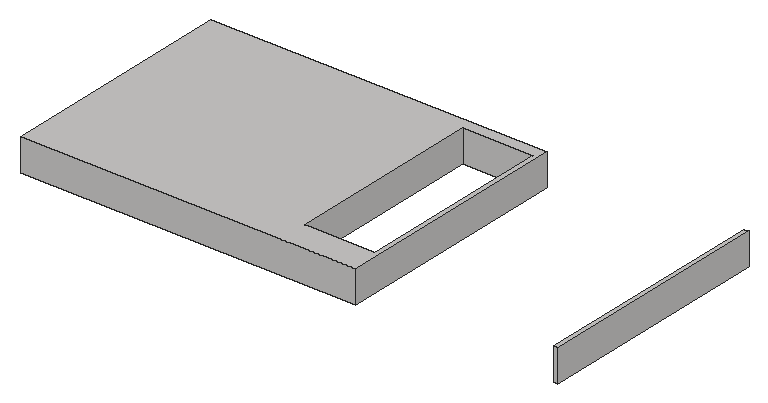
Revit family "QS Compact 30 Ton Packaged", category Mechanical Equipment, Revit 2012
Parameters
  URL = "http://www.desert-aire.com/"
  Type Comments = ""
  Model = ""
  Manufacturer = "DESERT AIRE"
  Description = "OUTDOOR AIR SYSTEM DEHUMIDIFIER 30 TON"
  Curb Height [instance] = 1' - 0"
  Cost = 0
  2 Piece Curb [instance] = yes
  1 Piece Curb [instance] = not([2 Piece Curb])  # no
Reference planes (in)
  plane 1: y = 0
  plane 2: z = 0
  plane 3: x = 0
  plane 4: z = 74.6504
  plane 5 "Bottom": z = 12
Forms (in)
  Extrusion 1, solid, material "Steel", visible <- "2 Piece Curb"
    sketch origin (-24.91382, 19.61694, -18) x (1, 0, 0) y (0, 1, 0)
      loop
        line (-63.11881, -62.71884) -> (62.63119, -62.71884) -> (62.63119, 26.53116) -> (-63.11881, 26.53116) -> (-63.11881, -62.71884)
      loop
        line (60.9368, 22.12072) -> (34.63619, 22.12072) -> (34.63619, -51.87928) -> (60.9368, -51.87928) -> (60.9368, 22.12072)
    from 18 to 30
  Extrusion 2, solid, material "Steel", visible <- "2 Piece Curb"
    sketch origin (185.3595, 19.61694, -18) x (1, 0, 0) y (0, 1, 0)
      loop
        line (-73.58652, -62.71884) -> (-72.08652, -62.71884) -> (-72.08652, 26.53116) -> (-73.58652, 26.53116) -> (-73.58652, -62.71884)
    from 18 to 30
  Extrusion 3, solid, material "Steel", visible <- "1 Piece Curb"
    sketch origin (-26.8905, 19.61694, -29) x (1, 0, 0) y (0, 1, 0)
      loop
        line (-61.14213, -62.71884) -> (140.16348, -62.71884) -> (140.16348, 26.53116) -> (-61.14213, 26.53116) -> (-61.14213, -62.71884)
      loop
        line (36.61287, -51.87928) -> (62.91348, -51.87928) -> (62.91348, 22.12072) -> (36.61287, 22.12072) -> (36.61287, -51.87928)
    from 29 to 41
Dimensions and locks (in)
  locked: plane 4 to plane 5 "Bottom" at 62.6504
  "Curb Height": plane 5 "Bottom" to plane 2
  aligned and locked: plane 5 "Bottom" to Extrusion 3
  aligned and locked: Extrusion 3 to plane 2
  aligned and locked: Extrusion 3 to Extrusion 1
  aligned and locked: Extrusion 1 to Extrusion 3
  aligned and locked: Extrusion 3 to Extrusion 2
  aligned and locked: plane 5 "Bottom" to Extrusion 1
  aligned and locked: Extrusion 1 to plane 2
  aligned and locked: plane 5 "Bottom" to Extrusion 2
  aligned and locked: Extrusion 2 to plane 2
  aligned and locked: plane 4 to nested 1
  aligned and locked: plane 5 "Bottom" to nested 1
Automatic sketch dimensions
  plane 3 to Extrusion 2 sketch curve = 9' - 3.77298"
  Extrusion 2 sketch curve to Extrusion 2 sketch curve = 0' - 1 1/2"
  plane 1 to Extrusion 2 sketch curve = 3' - 7.1019"
  Extrusion 2 sketch curve to Extrusion 2 sketch curve = 7' - 5 1/4"
  Extrusion 3 sketch curve to plane 3 = 7' - 4.03263"
  plane 3 to Extrusion 3 sketch curve = 9' - 5.27298"
  plane 1 to Extrusion 3 sketch curve = 3' - 7.1019"
  Extrusion 3 sketch curve to Extrusion 3 sketch curve = 7' - 5 1/4"
  Extrusion 3 sketch curve to Extrusion 3 sketch curve = 2' - 2.30061"
  plane 3 to Extrusion 3 sketch curve = 0' - 9.72237"
  Extrusion 3 sketch curve to plane 1 = 3' - 5.73766"
  plane 1 to Extrusion 3 sketch curve = 2' - 8.26234"
  Extrusion 1 sketch curve to plane 3 = 7' - 4.03263"
  plane 3 to Extrusion 1 sketch curve = 3' - 1.71737"
  Extrusion 1 sketch curve to plane 1 = 3' - 10.1481"
  plane 3 to Extrusion 1 sketch curve = 0' - 9.72237"
  Extrusion 1 sketch curve to Extrusion 1 sketch curve = 0' - 1.69439"
  Extrusion 1 sketch curve to Extrusion 1 sketch curve = 0' - 10.83956"
  Extrusion 1 sketch curve to Extrusion 1 sketch curve = 0' - 4.41044"
  plane 1 to Extrusion 1 sketch curve = 2' - 8.26234"
Nested families (in)
  nested 1: "30 Ton Recirc" at (10.27237, 4.29913, 17.1484), type "30 Ton Recirc"
Connectors (in)
  piping at (-62.9994, -28.30119, 0)
    settings: on Extrusion 3, index 3, connector radius 3/8", flow factor 0, pipe flow 0 GPM, pressure drop 0.00 psi, fitting loss kfactor 0, connector angle 0.00°, fixture units 0, engagement length 0' - 0", flow configuration 0, flow direction 0, fitting loss method 0, system type 22, joint type 0, gender type 0, connector reference index -1, connector utility 0, adjustable connector no, is connector primary yes, fitting loss table "", connector description "BOTTOM CONDENSTAE LOCATION OPTION"
  electrical at (-64.67335, 27.17655, 12)
    settings: index 6, voltage 0 V, apparent load 0 VA, apparent load phase1 0 VA, apparent load phase2 0 VA, apparent load phase3 0 VA, power factor 1, load classification "Other", number of poles 1, system type 31, power factor state 1, is connector primary yes, connector utility no, sub classification motor no, connector description "BOTTOM ELECTRICAL CONNECTION AREA"
  piping at (-7.37364, -47.89554, 25.92844)
    settings: on nested 1, index 7, connector radius 3/8", flow factor 0, pipe flow 0 GPM, pressure drop 0.00 psi, fitting loss kfactor 0, connector angle 0.00°, fixture units 0, engagement length 0' - 0", flow configuration 0, flow direction 0, fitting loss method 0, system type 22, joint type 0, gender type 0, connector reference index -1, connector utility 0, adjustable connector no, is connector primary no, fitting loss table "", connector description "OPTIONAL GAS HEATER SUPPLY LINE"
  piping at (-61.38253, 46.67066, 21.84338)
    settings: on nested 1, index 8, connector radius 3/8", flow factor 0, pipe flow 0 GPM, pressure drop 0.00 psi, fitting loss kfactor 0, connector angle 0.00°, fixture units 0, engagement length 0' - 0", flow configuration 0, flow direction 0, fitting loss method 0, system type 22, joint type 0, gender type 0, connector reference index -1, connector utility 0, adjustable connector no, is connector primary no, fitting loss table "", connector description "LEFT SIDE CONDENSATE DRAIN LINE OPTION"
  electrical at (-48.21387, -47.89554, 20.98809)
    settings: on nested 1, index 9, voltage 0 V, apparent load 0 VA, apparent load phase1 0 VA, apparent load phase2 0 VA, apparent load phase3 0 VA, power factor 1, load classification "Other", number of poles 1, system type 30, power factor state 1, is connector primary no, connector utility no, sub classification motor no, connector description "SIDE ELECTRIC CONNECTION AREA"
  hvac at (23.957, 4.70081, 12)
    settings: index 10, duct flow 0 CFM, flow factor 0, pres drop 0.00 in-wg, loss coef 0, conn angle 0.00°, conn width 28", conn height 74", conn radius 12", duct sys type 1, conn prof type 1, flow config 0, flow direction 0, loss method 0, conn ref index -1, conn util no, is conn primary yes, conn desc "SUPPLY DISCHARGE"
Definition of nested family "30 Ton Recirc"
  Parameters (values of type "30 Ton Recirc")
    URL = ""
    Type Comments = ""
    Model = ""
    Manufacturer = ""
    Description = ""
    Cost = 0
  Reference planes (in)
    plane 1: y = 0
    plane 2: z = 0
    plane 3: x = 0
